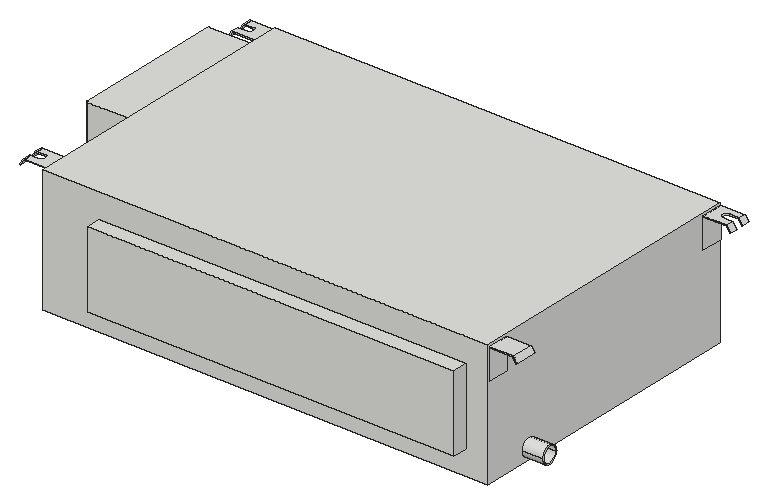
Revit family "GMV-ND（18-36）PLSC1-T", category 机械设备, Revit 2014
Parameters (values of type "GMV-ND36PLS/C1-T")
  高 = 200.00 mm
  风量（m³/h） [instance] = "550"
  送风口高度 = 122.00 mm
  送风口宽度 = 585.00 mm
  电源 = "220V~50Hz"
  深 = 462.00 mm
  液管管径 = 6.35 mm
  气管管径 = 12.70 mm
  机外静压(Pa) [instance] = "15/30"
  排水管管径 = 25.00 mm
  宽 = 710.00 mm
  室内机材质 = 热镀锌板
  回风口高度 = 200.00 mm
  回风口宽度 = 710.00 mm
  制热量(kW) [instance] = "4"
  制冷量(kW) [instance] = "3.6"
  净重(kg) = "19"
  Width = 710.00 mm
  Hight = 200.00 mm
  Depth = 462.00 mm
Types (6, lengths in mm): name | 风量（m³/h） | 气管管径 | 机外静压(Pa) | 制热量(kW) | 制冷量(kW) | 净重(kg)
  GMV-ND22PLS/C1-T | "450" | 9.52 | "15/0~30" | "2.50" | "2.20" | "18.5"
  GMV-ND25PLS/C1-T | "450" | 9.52 | "15/0~30" | "2.80" | "2.50" | "18.5"
  GMV-ND28PLS/C1-T | "450" | 9.52 | "15/0~30" | "3.20" | "2.80" | "18.5"
  GMV-ND32PLS/C1-T | "550" | 12.70 | "15/0~30" | "3.6" | "3.2" | "19"
  GMV-ND36PLS/C1-T | "550" | 12.70 | "15/30" | "4" | "3.6" | "19"
  GMV-ND18PLS/C1-T | "450" | 9.52 | "15/0~30" | "2.50" | "2.20" | "18.5"
Reference planes
  plane 1 "中心(前/后)": y = 0
  plane 2: z = 0
  plane 3 "中心(左/右)": x = 0
  plane 4: y = -924.816
  plane 5: y = -509.816
  plane 6: y = -509.931
  plane 7: y = -924.989
  plane 8: x = 744.2
  plane 9: y = -966.724
  plane 10: y = -492.374
  plane 11: y = -586.634
  plane 12: x = 193.45
  plane 13: x = 381.15
  plane 14: x = 714.4
  plane 15: x = 513.9
  plane 16: z = 190.5
  plane 17: z = 15.6
  plane 18: x = 69.15
  plane 19: x = 779.15
  plane 20: z = 200
  plane 21: y = -954.374
Forms (mm)
  Extrusion 1, solid, material "热镀锌板" <- "室内机材质"
    sketch origin (0, 0, 0) x (1, 0, 0) y (0, 1, 0)
      loop
        line (69.15, -492.374) -> (69.15, -954.249) -> (779.15, -954.249) -> (779.15, -492.374) -> (69.15, -492.374)
    from 2.5 to 202.5
  Extrusion 2, solid, material "热镀锌板" <- "室内机材质"
    sketch origin (0, 0, 0) x (1, 0, 0) y (0, 1, 0)
      loop
        arc (69.15, -540.974) -> (68.271, -538.852) -> (66.15, -537.974) r 3
        line (66.15, -537.974) -> (2.573, -537.974)
        arc (2.573, -537.974) -> (0.763, -538.943) -> (0, -540.849) r 3
        line (0, -540.849) -> (0, -779.286)
        arc (0, -779.286) -> (0.918, -780.986) -> (2.681, -781.774) r 3
        line (2.681, -781.774) -> (66.15, -781.774)
        arc (66.15, -781.774) -> (68.271, -780.895) -> (69.15, -778.774) r 3
        line (69.15, -778.774) -> (69.15, -540.974)
    from 0 to 200
  Extrusion 3, solid, material "热镀锌板" <- "室内机材质"
    sketch origin (0, -977.974, 121.11) x (0, 0, -1) y (-1, 0, 0)
      loop
        line (-42.49, -159.2) -> (-42.49, -744.2) -> (79.71, -744.2) -> (79.71, -159.2) -> (-42.49, -159.2)
    from 0 to 24
  Extrusion 4, void
    sketch origin (0, -966.724, 121.11) x (0, 0, 1) y (-1, 0, 0)
      loop
        line (36.39, -165.1) -> (-73.61, -165.1) -> (-73.61, -738.451) -> (36.39, -738.451) -> (36.39, -165.1)
    from 2.222 to -163.585
  Extrusion 5, solid, material "热镀锌板" <- "室内机材质"
    sketch origin (69.15, -1524, 200.743) x (0, 0, -1) y (0, -1, 0)
      loop
        circle (76.187, -708.091) r 6.35
    from 0 to 28
  Extrusion 6, solid, material "热镀锌板" <- "室内机材质"
    sketch origin (69.15, -1524, 200.743) x (0, 0, -1) y (0, -1, 0)
      loop
        circle (116.022, -707.946) r 3.175
    from 0 to 28
  Extrusion 7, solid, material "热镀锌板" <- "室内机材质"
    sketch origin (69.15, -1524, 200.743) x (0, 0, -1) y (0, -1, 0)
      loop
        circle (179.056, -649.965) r 12.5
      loop
        circle (179.056, -649.965) r 13.5
    from 0 to 34
  Extrusion 8, solid, material "热镀锌板" <- "室内机材质"
    sketch origin (779.15, -1524, 199.574) x (0, 0, -1) y (0, -1, 0)
      loop
        circle (177.887, -649.965) r 12.5
      loop
        circle (177.887, -649.965) r 13.5
    from 0 to -34
  Sweep 9, solid, material "热镀锌板" <- "室内机材质"
    path origin (189.15, -500.397, 1197.344) x (1, 0, 0) y (0, 0, 1)
      loop
        line (591, -1046.944) -> (591, -998.769) -> (629.575, -998.769) -> (634.829, -1007.513)
    profile origin (780.15, -500.397, 174.488) x (-1, 0, 0) y (0, -1, 0)
      loop
        line (1, -7.965) -> (1, 27.035) -> (-0.648, 27.035) -> (-0.648, -7.965) -> (1, -7.965)
  Extrusion 10, void
    sketch origin (809.15, -1524, 199.575) x (0, -1, 0) y (-1, 0, 0)
      loop
        line (-1020.069, 5) -> (-1020.069, -23.55) -> (-1008.069, -23.55) -> (-1008.069, 5)
        arc (-1008.069, 5) -> (-1014.069, 11) -> (-1020.069, 5) r 6
    from 0 to 10
  Sweep 11, solid, material "热镀锌板" <- "室内机材质"
    path origin (189.15, -926.705, 1197.344) x (1, 0, 0) y (0, 0, 1)
      loop
        line (591, -1046.944) -> (591, -998.769) -> (629.575, -998.769) -> (634.829, -1007.513)
    profile origin (780.15, -926.705, 174.488) x (-1, 0, 0) y (0, -1, 0)
      loop
        line (1, -7.965) -> (1, 27.035) -> (-0.648, 27.035) -> (-0.648, -7.965) -> (1, -7.965)
  Sweep 12, solid, material "热镀锌板" <- "室内机材质"
    path origin (659.15, -500.397, 1197.344) x (-1, 0, 0) y (0, 0, -1)
      loop
        line (591, 1046.944) -> (591, 998.769) -> (629.575, 998.769) -> (634.829, 1007.513)
    profile origin (68.15, -500.397, 174.488) x (-1, 0, 0) y (0, -1, 0)
      loop
        line (-1, -7.965) -> (0.648, -7.965) -> (0.648, 27.035) -> (-1, 27.035) -> (-1, -7.965)
  Sweep 13, solid, material "热镀锌板" <- "室内机材质"
    path origin (659.15, -915.455, 1197.344) x (-1, 0, 0) y (0, 0, -1)
      loop
        line (591, 1046.944) -> (591, 998.769) -> (629.575, 998.769) -> (634.829, 1007.513)
    profile origin (68.15, -915.455, 174.488) x (-1, 0, 0) y (0, -1, 0)
      loop
        line (-1, -7.965) -> (0.648, -7.965) -> (0.648, 27.035) -> (-1, 27.035) -> (-1, -7.965)
  Extrusion 14, void
    sketch origin (809.15, -1524, 199.575) x (0, -1, 0) y (-1, 0, 0)
      loop
        line (-605.126, 5) -> (-605.126, -23.55) -> (-592.895, -23.55) -> (-592.895, 5)
        arc (-592.895, 5) -> (-599.011, 11.115) -> (-605.126, 5) r 6.115
      loop
        line (-593.184, 765.05) -> (-593.184, 809.15) -> (-605.184, 809.15) -> (-605.184, 765.05)
        arc (-605.184, 765.05) -> (-599.184, 759.05) -> (-593.184, 765.05) r 6
      loop
        line (-1008.184, 765.05) -> (-1008.184, 809.15) -> (-1020.184, 809.15) -> (-1020.184, 765.05)
        arc (-1020.184, 765.05) -> (-1014.184, 759.05) -> (-1008.184, 765.05) r 6
    from 0 to 10
  Extrusion 15, void
    sketch origin (189.15, -492.374, 1200) x (-1, 0, 0) y (0, 0, 1)
      loop
        line (-574.085, -1009.5) -> (-574.085, -1184.4) -> (104.25, -1184.4) -> (104.25, -1009.5) -> (-574.085, -1009.5)
    from 10.131 to -11.558
  Extrusion 16, void
    sketch origin (189.15, -492.374, 1025) x (-1, 0, 0) y (0, 0, 1)
      loop
        line (-574.085, -1009.5) -> (-574.085, -1040.316) -> (104.25, -1040.316) -> (104.25, -1009.5) -> (-574.085, -1009.5)
    from -17.695 to -190
  Extrusion 17, solid
    sketch origin (381.15, 0, 137.463) x (0, 0, -1) y (0, 1, 0)
      loop
        circle (34.963, -586.634) r 57.5
    from 0 to 86
  Extrusion 18, solid
    sketch origin (714.4, 0, 165.765) x (0, 0, -1) y (0, 1, 0)
      loop
        arc (60.279, -674.584) -> (121.133, -520.338) -> (-23.475, -601.476) r 88
        line (-23.475, -601.476) -> (1.475, -718.854) -> (67.225, -707.261) -> (60.279, -674.584)
    from 0 to -201
  Extrusion 19, void
    sketch origin (714.4, 0, 164.243) x (0, 0, 1) y (0, 1, 0)
      loop
        circle (-63.265, -586.634) r 50
    from -2.8 to 4.999
  Extrusion 20, void
    sketch origin (514.4, 0, 164.243) x (0, 0, 1) y (0, 1, 0)
      loop
        circle (-63.265, -586.634) r 50
    from -2.8 to 4.999
  Extrusion 21, void
    sketch origin (714.4, 0, 165.765) x (0, 0, 1) y (0, 1, 0)
      loop
        arc (19.844, -604.468) -> (-118.709, -522.207) -> (-58.017, -671.472) r 85
        line (-58.017, -671.472) -> (-66.424, -711.025) -> (-5.333, -721.797) -> (19.844, -604.468)
    from 2 to 199
  Extrusion 22, solid
    sketch origin (334.9, 0, 165.765) x (0, 0, -1) y (0, 1, 0)
      loop
        arc (60.279, -674.584) -> (121.133, -520.338) -> (-23.475, -601.476) r 88
        line (-23.475, -601.476) -> (1.475, -718.854) -> (67.225, -707.261) -> (60.279, -674.584)
    from 0 to -201
  Extrusion 23, void
    sketch origin (334.4, 0, 168.6) x (0, 0, 1) y (0, 1, 0)
      loop
        arc (17.976, -599.131) -> (-123.572, -524.008) -> (-60.852, -671.472) r 85
        line (-60.852, -671.472) -> (-69.345, -711.43) -> (-8.426, -722.172) -> (17.976, -599.131)
    from 2 to 199
  Extrusion 24, void
    sketch origin (334.4, 0, 168.6) x (0, 0, 1) y (0, 1, 0)
      loop
        circle (-66.1, -586.634) r 49.144
    from -7.667 to 4.999
  Extrusion 25, void
    sketch origin (131.275, 0, 168.6) x (0, 0, 1) y (0, 1, 0)
      loop
        circle (-66.1, -586.634) r 49.144
    from -7.667 to 4.999
  Extrusion 26, solid
    sketch origin (193.45, 0, 118.433) x (0, 0, -1) y (0, 1, 0)
      loop
        circle (15.933, -586.634) r 8.02
    from 0 to 510
  Extrusion 27, solid, material "封板材质"
    sketch origin (189.15, -492.374, 1200) x (1, 0, 0) y (0, 0, 1)
      loop
        line (574.085, -1009.5) -> (-104.25, -1009.5) -> (-104.25, -1184.4) -> (574.085, -1184.4) -> (574.085, -1009.5)
    from 0 to 10
  Extrusion 28, solid, material "封板材质"
    sketch origin (189.15, 509.584, 3.383) x (1, 0, 0) y (0, 1, 0)
      loop
        line (574.085, -1019.653) -> (-104.25, -1019.653) -> (-104.25, -1191.958) -> (574.085, -1191.958) -> (574.085, -1019.653)
    from 0 to 10
Cuts and joins
  Extrusion 4 cuts Extrusion 3
  Extrusion 10, Extrusion 21 cuts Sweep 9
  Extrusion 14 cuts Sweep 12
  Extrusion 14 cuts Sweep 13
  Extrusion 15, Extrusion 16, Extrusion 21, Extrusion 23 cuts Extrusion 1
  Extrusion 19, Extrusion 20, Extrusion 21, Extrusion 23 cuts Extrusion 18
  Extrusion 23 cuts Extrusion 17
  Extrusion 23, Extrusion 24, Extrusion 25 cuts Extrusion 22
Dimensions and locks
  plane 4 to plane 5 = 415.00 mm
  "Width": plane 18 to plane 19
  "Hight": plane 20 to level
  "Depth": plane 21 to plane 10
  "气管管径": diameter of Extrusion 5 sketch curve
  "液管管径": diameter of Extrusion 6 sketch curve
  aligned and locked: level to plane 2
Automatic sketch dimensions
  plane 10 to Extrusion 1 sketch curve = 0.00 mm
  Extrusion 1 sketch curve to plane 7 = 29.26 mm
  Extrusion 2 sketch curve to plane 3 "中心(左/右)" = 0.00 mm
  plane 3 "中心(左/右)" to Extrusion 2 sketch curve = 2.573 mm
  plane 3 "中心(左/右)" to Extrusion 2 sketch curve = 2.681 mm
  plane 3 "中心(左/右)" to Extrusion 2 sketch curve = 2.958 mm
  plane 3 "中心(左/右)" to Extrusion 2 sketch curve = 2.999 mm
  Extrusion 2 sketch curve to Extrusion 2 sketch curve = 2.487 mm
  Extrusion 2 sketch curve to plane 6 = 31.042 mm
  Extrusion 2 sketch curve to Extrusion 2 sketch curve = 2.97 mm
  plane 8 to Extrusion 3 sketch curve = 0.00 mm
  plane 16 to Extrusion 3 sketch curve = 26.90 mm
  plane 8 to Extrusion 4 sketch curve = 5.749 mm
  Extrusion 4 sketch curve to plane 12 = 28.35 mm
  Extrusion 7 sketch curve to Extrusion 7 sketch curve = 0.00 mm  (x3)
  Extrusion 8 sketch curve to Extrusion 8 sketch curve = 0.00 mm  (x3)
  plane 16 to Sweep 9 sketch curve = 0.67 mm
  profile plane to Sweep 9 sketch curve = 0.648 mm
  Sweep 9 sketch curve to profile plane = 1.00 mm
  Sweep 9 sketch curve to profile plane = 7.965 mm
  profile plane to Sweep 9 sketch curve = 27.035 mm
  Extrusion 10 sketch curve to plane 6 = 0.00 mm
  Extrusion 10 sketch curve to plane 5 = 5.885 mm
  plane 16 to Sweep 11 sketch curve = 0.67 mm
  profile plane to Sweep 11 sketch curve = 0.648 mm
  Sweep 11 sketch curve to profile plane = 1.00 mm
  Sweep 11 sketch curve to profile plane = 7.965 mm
  profile plane to Sweep 11 sketch curve = 27.035 mm
  plane 16 to Sweep 12 sketch curve = 0.67 mm
  Sweep 12 sketch curve to Sweep 12 sketch curve = 5.254 mm
  profile plane to Sweep 12 sketch curve = 1.00 mm
  Sweep 12 sketch curve to profile plane = 0.648 mm
  Sweep 12 sketch curve to profile plane = 7.965 mm
  profile plane to Sweep 12 sketch curve = 27.035 mm
  plane 16 to Sweep 13 sketch curve = 0.67 mm
  Sweep 13 sketch curve to Sweep 13 sketch curve = 5.254 mm
  profile plane to Sweep 13 sketch curve = 1.00 mm
  Sweep 13 sketch curve to profile plane = 0.648 mm
  Sweep 13 sketch curve to profile plane = 7.965 mm
  profile plane to Sweep 13 sketch curve = 27.035 mm
  Extrusion 14 sketch curve to plane 3 "中心(左/右)" = 0.00 mm  (x2)
  plane 5 to Extrusion 14 sketch curve = 0.00 mm
  plane 4 to Extrusion 14 sketch curve = 0.00 mm
  Extrusion 14 sketch curve to plane 7 = 0.00 mm
  Extrusion 14 sketch curve to plane 5 = 6.00 mm
  Extrusion 14 sketch curve to plane 4 = 6.00 mm
  Extrusion 14 sketch curve to plane 4 = 5.942 mm
  Extrusion 15 sketch curve to plane 17 = 0.00 mm
  Extrusion 15 sketch curve to plane 16 = 0.00 mm
  Extrusion 16 sketch curve to level = 15.316 mm
  plane 17 to Extrusion 16 sketch curve = 0.10 mm
  Extrusion 17 sketch curve to plane 11 = 0.00 mm
  Extrusion 18 sketch curve to plane 11 = 0.00 mm
  plane 16 to Extrusion 18 sketch curve = 26.21 mm
  plane 16 to Extrusion 18 sketch curve = 1.261 mm
  plane 11 to Extrusion 18 sketch curve = 14.842 mm
  Extrusion 18 sketch curve to Extrusion 18 sketch curve = 11.594 mm
  Extrusion 18 sketch curve to Extrusion 18 sketch curve = 0.00 mm
  Extrusion 19 sketch curve to plane 11 = 0.00 mm
  Extrusion 20 sketch curve to plane 11 = 0.00 mm
  Extrusion 21 sketch curve to plane 11 = 0.00 mm
  plane 16 to Extrusion 21 sketch curve = 30.068 mm
  plane 11 to Extrusion 21 sketch curve = 84.838 mm
  Extrusion 21 sketch curve to Extrusion 21 sketch curve = 39.553 mm
  Extrusion 21 sketch curve to Extrusion 21 sketch curve = 10.772 mm
  plane 16 to Extrusion 21 sketch curve = 4.892 mm
  Extrusion 21 sketch curve to Extrusion 21 sketch curve = 0.00 mm
  Extrusion 22 sketch curve to plane 11 = 0.00 mm
  plane 16 to Extrusion 22 sketch curve = 26.21 mm
  plane 16 to Extrusion 22 sketch curve = 1.261 mm
  plane 11 to Extrusion 22 sketch curve = 14.842 mm
  Extrusion 22 sketch curve to Extrusion 22 sketch curve = 11.594 mm
  Extrusion 22 sketch curve to Extrusion 22 sketch curve = 0.00 mm
  Extrusion 23 sketch curve to plane 11 = 0.00 mm
  plane 16 to Extrusion 23 sketch curve = 30.326 mm
  plane 11 to Extrusion 23 sketch curve = 84.838 mm
  Extrusion 23 sketch curve to Extrusion 23 sketch curve = 39.958 mm
  Extrusion 23 sketch curve to Extrusion 23 sketch curve = 10.742 mm
  plane 16 to Extrusion 23 sketch curve = 3.924 mm
  Extrusion 23 sketch curve to Extrusion 23 sketch curve = 0.00 mm
  Extrusion 24 sketch curve to plane 11 = 0.00 mm
  Extrusion 25 sketch curve to plane 11 = 0.00 mm
  Extrusion 26 sketch curve to plane 11 = 0.00 mm
  Extrusion 27 sketch curve to plane 16 = 0.00 mm
  Extrusion 27 sketch curve to plane 17 = 0.00 mm
  plane 11 to Extrusion 28 sketch curve = 95.739 mm
  plane 10 to Extrusion 28 sketch curve = 17.695 mm
  Extrusion 3 sketch curve to plane 17 = 25.80 mm
  Extrusion 4 sketch curve to plane 17 = 31.90 mm
  plane 16 to Extrusion 4 sketch curve = 33.00 mm
  Extrusion 7 sketch curve to plane 17 = 6.086 mm
  Extrusion 8 sketch curve to plane 17 = 6.086 mm
  plane 16 to Sweep 9 sketch curve = 40.10 mm
  plane 16 to Sweep 11 sketch curve = 40.10 mm
  plane 16 to Sweep 12 sketch curve = 40.10 mm
  plane 16 to Sweep 13 sketch curve = 40.10 mm
  Extrusion 17 sketch curve to plane 17 = 86.90 mm
  Extrusion 18 sketch curve to plane 17 = 86.90 mm
  Extrusion 18 sketch curve to Extrusion 18 sketch curve = 65.75 mm
  Extrusion 18 sketch curve to Extrusion 18 sketch curve = 6.946 mm
  Extrusion 19 sketch curve to plane 17 = 85.378 mm
  Extrusion 20 sketch curve to plane 17 = 85.378 mm
  Extrusion 21 sketch curve to Extrusion 21 sketch curve = 52.684 mm
  Extrusion 21 sketch curve to Extrusion 21 sketch curve = 83.108 mm
  Extrusion 21 sketch curve to Extrusion 21 sketch curve = 8.407 mm
  Extrusion 22 sketch curve to plane 17 = 86.90 mm
  Extrusion 22 sketch curve to Extrusion 22 sketch curve = 65.75 mm
  Extrusion 22 sketch curve to Extrusion 22 sketch curve = 6.946 mm
  Extrusion 23 sketch curve to Extrusion 23 sketch curve = 52.426 mm
  Extrusion 23 sketch curve to Extrusion 23 sketch curve = 84.076 mm
  Extrusion 23 sketch curve to Extrusion 23 sketch curve = 8.493 mm
  Extrusion 24 sketch curve to plane 17 = 86.90 mm
  Extrusion 25 sketch curve to plane 17 = 86.90 mm
  Extrusion 26 sketch curve to plane 17 = 86.90 mm
  plane 3 "中心(左/右)" to Extrusion 1 sketch curve = 69.15 mm
  Extrusion 1 sketch curve to plane 8 = 34.95 mm
  Extrusion 2 sketch curve to Extrusion 2 sketch curve = 63.192 mm
  Extrusion 2 sketch curve to plane 6 = 28.042 mm
  Extrusion 2 sketch curve to Extrusion 2 sketch curve = 63.152 mm
  Extrusion 3 sketch curve to plane 12 = 34.25 mm
  Sweep 9 sketch curve to plane 8 = 35.95 mm
  Sweep 9 sketch curve to Sweep 9 sketch curve = 38.575 mm
  Sweep 9 sketch curve to Sweep 9 sketch curve = 5.254 mm
  Extrusion 10 sketch curve to plane 8 = 59.95 mm
  Extrusion 10 sketch curve to Extrusion 10 sketch curve = 28.55 mm
  Sweep 11 sketch curve to plane 8 = 35.95 mm
  Sweep 11 sketch curve to Sweep 11 sketch curve = 38.575 mm
  Sweep 11 sketch curve to Sweep 11 sketch curve = 5.254 mm
  plane 3 "中心(左/右)" to Sweep 12 sketch curve = 68.15 mm
  plane 3 "中心(左/右)" to Sweep 12 sketch curve = 29.575 mm
  plane 3 "中心(左/右)" to Sweep 13 sketch curve = 68.15 mm
  plane 3 "中心(左/右)" to Sweep 13 sketch curve = 29.575 mm
  plane 3 "中心(左/右)" to Extrusion 14 sketch curve = 44.10 mm  (x2)
  Extrusion 14 sketch curve to plane 8 = 59.95 mm
  Extrusion 14 sketch curve to Extrusion 14 sketch curve = 28.55 mm
  Extrusion 15 sketch curve to plane 8 = 19.035 mm
  plane 3 "中心(左/右)" to Extrusion 15 sketch curve = 84.90 mm
  Extrusion 16 sketch curve to plane 8 = 19.035 mm
  plane 3 "中心(左/右)" to Extrusion 16 sketch curve = 84.90 mm
  plane 3 "中心(左/右)" to Extrusion 27 sketch curve = 84.90 mm
  Extrusion 27 sketch curve to plane 8 = 19.035 mm
  plane 3 "中心(左/右)" to Extrusion 28 sketch curve = 84.90 mm
  Extrusion 28 sketch curve to plane 8 = 19.035 mm
  Sweep 9 sketch curve to plane 16 = 8.075 mm
  Sweep 11 sketch curve to plane 16 = 8.075 mm
  Sweep 12 sketch curve to plane 16 = 8.075 mm
  Sweep 13 sketch curve to plane 16 = 8.075 mm
  Extrusion 18 sketch curve to Extrusion 18 sketch curve = 32.677 mm
  Extrusion 22 sketch curve to Extrusion 22 sketch curve = 32.677 mm
  Extrusion 2 sketch curve to plane 4 = 146.042 mm
  Extrusion 7 sketch curve to plane 4 = 50.781 mm
  Extrusion 8 sketch curve to plane 4 = 50.781 mm
  plane 16 to Extrusion 5 sketch curve = 65.945 mm
  Extrusion 5 sketch curve to plane 4 = 108.907 mm
  Extrusion 6 sketch curve to plane 17 = 69.121 mm
  Extrusion 6 sketch curve to plane 4 = 108.762 mm
  radius of Extrusion 7 sketch curve = 12.50 mm
  radius of Extrusion 7 sketch curve = 13.50 mm
  radius of Extrusion 8 sketch curve = 12.50 mm
  radius of Extrusion 8 sketch curve = 13.50 mm
  radius of Extrusion 17 sketch curve = 57.50 mm
  radius of Extrusion 19 sketch curve = 50.00 mm
  radius of Extrusion 20 sketch curve = 50.00 mm
  radius of Extrusion 24 sketch curve = 49.144 mm
  radius of Extrusion 25 sketch curve = 49.144 mm
  radius of Extrusion 26 sketch curve = 8.02 mm
Connectors
  hvac at (451.776, -968.946, 102.5), driven by "送风口高度", driven by "送风口宽度"
    settings: on cut or joined group of Extrusion 3, Extrusion 4, index 4, duct flow 0.0 L/s, flow factor 0, pres drop 0.0 Pa, loss coef 0, conn angle 0.00°, conn width 585 mm, conn height 122 mm, conn diameter 609.6 mm, duct sys type 1, conn prof type 1, flow config 0, flow direction 0, loss method 0, conn ref index -1, conn util no, is conn primary yes, conn desc ""
  hvac at (424.068, -492.374, 103.05), driven by "回风口高度", driven by "回风口宽度"
    settings: on cut or joined group of Extrusion 1, Extrusion 15, Extrusion 16, Extrusion 21, Extrusion 23, index 5, duct flow 0.0 L/s, flow factor 0, pres drop 0.0 Pa, loss coef 0, conn angle 0.00°, conn width 710 mm, conn height 200 mm, conn diameter 609.6 mm, duct sys type 2, conn prof type 1, flow config 0, flow direction 0, loss method 0, conn ref index -1, conn util no, is conn primary no, conn desc ""
  piping at (41.15, -815.909, 124.555), diameter 12.7, driven by "气管管径"
    settings: on Extrusion 5, index 6, connector inside diameter 609.6 mm, connector length 0.00 mm, flow factor 0, pipe flow 0.0 L/s, pressure drop 0.0 Pa, fitting loss kfactor 0, connector angle 0.00°, fixture units 0, engagement length 0.00 mm, angle of deflection 0.00°, flow configuration 0, flow direction 0, fitting loss method 0, system type 8, joint type 0, gender type 0, connector reference index -1, connector utility 0, adjustable connector no, is connector primary yes, connector description ""
  piping at (41.15, -816.054, 84.721), diameter 6.35, driven by "液管管径"
    settings: on Extrusion 6, index 7, connector inside diameter 609.6 mm, connector length 0.00 mm, flow factor 0, pipe flow 0.0 L/s, pressure drop 0.0 Pa, fitting loss kfactor 0, connector angle 0.00°, fixture units 0, engagement length 0.00 mm, angle of deflection 0.00°, flow configuration 0, flow direction 0, fitting loss method 0, system type 7, joint type 0, gender type 0, connector reference index -1, connector utility 0, adjustable connector no, is connector primary no, connector description ""
  piping at (35.15, -874.035, 21.686), diameter 25, driven by "排水管管径"
    settings: on Extrusion 7, index 8, connector inside diameter 609.6 mm, connector length 0.00 mm, flow factor 0, pipe flow 0.0 L/s, pressure drop 0.0 Pa, fitting loss kfactor 0, connector angle 0.00°, fixture units 0, engagement length 0.00 mm, angle of deflection 0.00°, flow configuration 0, flow direction 0, fitting loss method 0, system type 7, joint type 0, gender type 0, connector reference index -1, connector utility 0, adjustable connector no, is connector primary no, connector description ""
